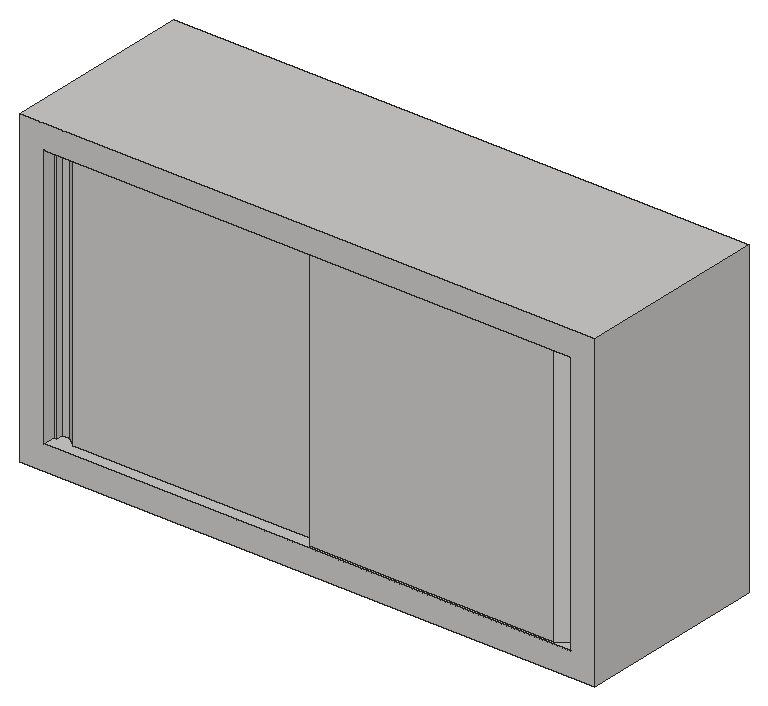
Revit family "QF_ELECTROLUXPROFESSIONAL_133119_PS1200EN", category Specialty Equipment, Revit 2018
Family settings
  Round Connector Dimension = Use Diameter
  Part Type = Normal
  Work Plane-Based = No
  Always vertical = Yes
  Cut with Voids When Loaded = No
  Shared = No
  Room Calculation Point = No
Parameters
  Weight = 0.00 kg
  Watts = 0 W
  Volts = 0 V
  URL Manufacturer = ""
  Steam Supply Size = 0 mm
  Steam Supply Minimum Pressure = 0.0 Pa
  Steam Supply Maximum Pressure = 0.0 Pa
  Steam Pounds per Hour = 0
  Refrigeration Suction Line Size = 0 mm
  Refrigeration Liquid Line Size = 0 mm
  Refrigerant Compressor Remote = yes
  Phase = 0
  Length Actual = 0 mm
  Item Number = ""
  Hot Water Size = 0 mm
  Height Actual = 0 mm
  HP = ""
  Gas Size = 0 mm
  Gas KW = 0
  Gas Input Pressure = 0 W
  Direct Waste Size = 0 mm
  Depth Actual = 0 mm
  Cycle = 0 Hz
  Condensate Return Size = 0 mm
  Compressed Air Volume = 0.0 L/s
  Compressed Air Size = 0 mm
  Compressed Air Pressure = 0.0 Pa
  Cold Water Size = 0 mm
  Accessory = yes
Reference planes
  plane 1 "Center (Front/Back)": y = 0
  plane 2: z = 0
  plane 3 "Center (Left/Right)": x = 0
  plane 4: y = 200
  plane 5 "Left": x = -600
  plane 6 "Right": x = 600
  plane 7: y = -200
  plane 8: y = -154.5
  plane 9: z = 2200
  plane 10: z = 1550
  plane 11: y = 150
Forms (mm)
  Extrusion 1, solid, material "QF_Finishes_Stainless Steel"
    sketch origin (0, 0, 0) x (1, 0, 0) y (0, 1, 0)
      loop
        line (-600, 200) -> (-600, -200) -> (600, -200) -> (600, 200) -> (-600, 200)
    from 1550 to 2200
  Extrusion 2, void
    sketch origin (500, -154.5, 0) x (1, 0, 0) y (0, 0, -1)
      loop
        line (-1050, -2150) -> (50, -2150) -> (50, -1600) -> (-1050, -1600) -> (-1050, -2150)
    from -45.5 to 304.5
Cuts and joins
  Extrusion 2 cuts Extrusion 1
Lines and regions (mm)
  symbolic lines
    curve 1: line (-600, 200, 0) -> (600, 200, 0)
    curve 2: line (-600, -200, 0) -> (-600, 200, 0)
    curve 3: line (600, -200, 0) -> (-600, -200, 0)
    curve 4: line (600, 200, 0) -> (600, -200, 0)
    curve 5: line (-600, 200, 0) -> (600, -200, 0)
    curve 6: line (-600, -200, 0) -> (600, 200, 0)
Dimensions and locks
  equal spacing: plane 5 "Left", plane 3 "Center (Left/Right)", plane 6 "Right"
  equal spacing: plane 4, plane 1 "Center (Front/Back)", plane 7
  plane 8 to plane 7 = 45.5 mm
  plane 10 to level = 1550 mm
  plane 3 "Center (Left/Right)" to plane 6 "Right" = 600 mm
  plane 7 to plane 1 "Center (Front/Back)" = 200 mm
  locked: plane 4 to plane 11 at 50
  locked: cut or joined group of Extrusion 1, Extrusion 2 to plane 9 at 50
  locked: plane 5 "Left" to Extrusion 2 sketch curve at 50
  locked: plane 6 "Right" to Extrusion 2 sketch curve at 50
  plane 10 to nested 1 = 50 mm
  plane 9 to plane 10 = 650 mm
  aligned and locked: level to plane 2
  aligned and locked: plane 11 to Extrusion 2
  aligned and locked: cut or joined group of Extrusion 1, Extrusion 2 to nested 1  (x2)
  aligned and locked: Extrusion 1 to plane 10
  aligned and locked: plane 9 to Extrusion 1
  aligned and locked: nested 1 to cut or joined group of Extrusion 1, Extrusion 2  (x2)
Automatic sketch dimensions
  plane 5 "Left" to Extrusion 1 sketch curve = 0 mm
  Extrusion 1 sketch curve to plane 6 "Right" = 0 mm
  Extrusion 1 sketch curve to plane 4 = 0 mm
  Extrusion 2 sketch curve to plane 9 = 50 mm
  plane 10 to Extrusion 2 sketch curve = 50 mm
  Extrusion 1 sketch curve to plane 8 = 45.5 mm
  curve 1 to plane 4 = 0 mm
  curve 1 to plane 5 "Left" = 0 mm
  curve 6 to plane 6 "Right" = 0 mm
  curve 3 to plane 7 = 0 mm
Nested families
  nested 1: "Sliding Door" at (0, -154.5, 1875) x (-1, 0, 0) z (0, -1, 0), type "Sliding Door"
    with L 1100 mm, H 550 mm
Definition of nested family "Sliding Door"
  Parameters
    L [instance] = 468 mm
    H [instance] = 560 mm
    Default Elevation = 1219.2 mm
  Reference planes
    plane 1 "Centro (Fronte/Retro)": y = 0
    plane 2: z = 0
    plane 3 "Centro (Sinistra/Destra)": x = 0
    plane 4: y = 280
    plane 5: y = -280
    plane 6: x = 234
    plane 7: x = -234
  Forms (mm)
    Extrusion 1, solid
      sketch origin (0, 0, 0) x (1, 0, 0) y (0, 1, 0)
        loop
          line (-1219.2, 1219.2) -> (-1219.2, -1219.2) -> (1219.2, -1219.2) -> (1219.2, 1219.2) -> (-1219.2, 1219.2)
      from 0 to -304.8
    Extrusion 2, solid
      sketch origin (-234, 0, 20) x (-1, 0, 0) y (0, 0, -1)
        loop
          line (-234, 0) -> (-234, -20) -> (-39.641, -20) -> (-19.162, -5.661) -> (-5, -5.661) -> (-5, -20) -> (0, -20) -> (0, 0) -> (-234, 0)
      from -280 to 280
    Extrusion 3, solid
      sketch origin (234, 0, 0) x (1, 0, 0) y (0, 0, 1)
        loop
          line (-234, 0) -> (0, 0) -> (0, 20) -> (-5, 20) -> (-5, 5.661) -> (-19.162, 5.661) -> (-39.641, 20) -> (-234, 20) -> (-234, 0)
      from -280 to 280
  Dimensions and locks
    equal spacing: plane 4, plane 1 "Centro (Fronte/Retro)", plane 5
    "H": plane 4 to plane 5
    "L": plane 6 to plane 7
    locked: Extrusion 2 sketch curve to Extrusion 2 sketch curve at 5
    locked: Extrusion 2 sketch curve to Extrusion 2 sketch curve at 14.162
    locked: Extrusion 2 sketch curve to Extrusion 2 sketch curve at 39.641
    locked: Extrusion 3 sketch curve to Extrusion 3 sketch curve at 5
    locked: Extrusion 3 sketch curve to Extrusion 3 sketch curve at 14.162
    locked: Extrusion 3 sketch curve to Extrusion 3 sketch curve at 39.641
    equal spacing: plane 7, plane 3 "Centro (Sinistra/Destra)", plane 6
    aligned and locked: plane 2 to Extrusion 1
    aligned and locked: level to Extrusion 1
    aligned and locked: plane 4 to Extrusion 2
    aligned and locked: Extrusion 2 to plane 5
    aligned and locked: Extrusion 3 to plane 5
    aligned and locked: plane 4 to Extrusion 3
  Automatic sketch dimensions
    Extrusion 1 sketch curve to Extrusion 1 sketch curve = 2438.4 mm  (x2)
    Extrusion 2 sketch curve to plane 3 "Centro (Sinistra/Destra)" = 0 mm
    plane 7 to Extrusion 2 sketch curve = 0 mm
    Extrusion 2 sketch curve to Extrusion 2 sketch curve = 14.339 mm  (x2)
    Extrusion 3 sketch curve to plane 3 "Centro (Sinistra/Destra)" = 0 mm
    Extrusion 3 sketch curve to plane 6 = 0 mm
    Extrusion 3 sketch curve to Extrusion 3 sketch curve = 14.339 mm
    level to Extrusion 2 sketch curve = 40 mm
    Extrusion 2 sketch curve to Extrusion 2 sketch curve = 20 mm
    Extrusion 3 sketch curve to level = 0 mm
    level to Extrusion 3 sketch curve = 5.661 mm
    level to Extrusion 3 sketch curve = 20 mm
